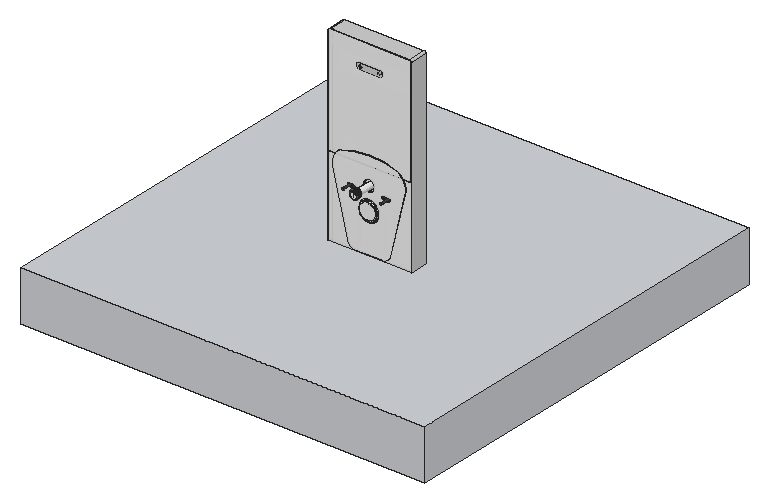
Revit family "IS_Prosys_R0144_BIM_IT", category Plumbing Fixtures, host Face, Revit 2017
Family settings
  Host = Face
  Round Connector Dimension = Use Diameter
  Part Type = Normal
  OmniClass Number = 23.45.05.21.11.11
  OmniClass Title = Water Operated Water Closets
  Cut with Voids When Loaded = No
  Shared = Yes
  Room Calculation Point = No
Parameters (values of type "R0144AC  - PROSYS NEOXP FRONT OF WALL SYSTEM FOR WALL MOUNTED WC WHITE GLASS ")
  Weight Net (Kg) = 0
  WaterEfficientProduct = no
  WarrantyStartDate [instance] = "1900-12-31T23:59:59"
  WarrantyGuarantorParts = Manufacturer  # "https://www.idealstandard.it"
  WarrantyGuarantorLabor = "n/a"
  WarrantyDurationUnit = "year"
  WarrantyDurationParts = "5"
  WarrantyDurationLabor = "n/a"
  WarrantyDescription = "Manufacturers Warranty"
  WRAS = no
  WFU = 0
  VolumeUnits = "Litres"
  VersioneClassificazioneUni2015 = "v1.20"
  Versione = "1"
  Version = "1"
  VascaAdUso = "n/a"
  ValoreDellaSuperficie = "n/a"
  UnitàVolume = "Litri"
  UnitàSuperficie = "Millimetri"
  UnitàMonetaria = "€"
  UnitàLineare = "Millimetri"
  UnitàDurataGaranzia = "Anni"
  UnitàDurata = "Anni"
  Uniclass2015Version = "v1.20"
  Uniclass2015Title = "Wall-hung WC support brackets"
  Uniclass2015Reference = "Pr_20_85_09_96"
  Uniclass2015Description = "Wall-hung WC support brackets"
  Uniclass2015Code = "Pr_20_85_09_96"
  Uniclass2 = "Pr_40_20_93_89"
  URL = "https://www.idealstandard.it"
  Type Comments = "n/a"
  ToiletType = "Other"
  ToiletPanType = "WashDown"
  TipologiaVaso = "n/a"
  TipologiaMiscelatore = "n/a"
  TipologiaLavabo = "n/a"
  TipologiaInstallazioneLavabo = "n/a"
  TipologiaDiVaso = "n/a"
  TipologiaDiMiscelatore = "n/a"
  TipologiaCartuccia = "n/a"
  Tipologia = "n/a"
  TipoVasca = "n/a"
  TipoScarico = "n/a"
  TipoOrinatoio = "n/a"
  TipoMiscelatore = "n/a"
  TipoInstallazioneVaso = "n/a"
  TipoEspotazioneIfc = "TOILETPAN"
  TipoDoccia = "n/a"
  TipoDiDato = "n/a"
  Tipo = "n/a"
  Telefono = "800652290"
  TagNumber [instance] = "n/a"
  SustainabilityPerformance = "n/a"
  SpilloverLivello = 0
  SpilloverLevel = 0 mm
  SpessoreDelMateriale = 0
  Spazio = "Interno"
  Space = "Internal"
  Sostenibilità = "n/a"
  Size = "1147 x 503  x 114 mm"
  Shape = "Sculptured"
  SerialNumber [instance] = "n/a"
  SeatMaterial = 0 mm
  RiferimentoClassificazioneUni2015 = "Pr_20_85_09_96"
  Riferimento = "QR Pneumatic for WH WC(white glass) CL1"
  Revisione = "1"
  Revision = "n/a"
  ReplacementCost = "n/a"
  ProfonditaNominale = 108 mm
  Produttore = "Ideal Standard"
  ProductInformation = "https://www.idealstandard.it/prodotti/tutti"
  PressioneD'Esercizio = "n/a"
  Pressione = "n/a"
  PiattoDoccia = no
  Phone = "800652290"
  PesoNetto = "20.84 Kg"
  PesoLordo = "n/a"
  PartiDiRicambio = "n/a"
  PanMounting = "n/a"
  PanMaterial = "n/a"
  PanColor = "n/a"
  NumeroDiModello = "R0144AC"
  NominalWidth = 503.2 mm
  NominalLength = 114 mm
  NominalHeight = 1147 mm
  NominalDepth = 108 mm
  Nominal height = 1147
  Nominal depth = 108
  NomeOggettoBim = "IS_IdealStandard_Wall-hungWCsupportbrackets_Prosys_R0144"
  Nome = "Wall-hungWCsupportbrackets_Prosys_R0144_IdealStandard"
  NettWeight = "20.84 Kg"
  Name = "Wall-hungWCsupportbrackets_Prosys_R0144_IdealStandard"
  NBSTypeID = "n/a"
  NBSReference = "45-35-70/393"
  NBSOfficeMasterTag = "n/a"
  NBSNote = "n/a"
  NBSDescription = "Wall hung WC support brackets"
  NBSCertification = "n/a"
  ModelloValvola = "n/a"
  ModelloDiRiferimento = "PROSYS NEOXP FRONT OF WALL SYSTEM FOR WALL MOUNTED WC WHITE GLASS"
  ModelReference = Description  # "PROSYS NEOXP FRONT OF WALL SYSTEM FOR WALL MOUNTED WC WHITE GLASS"
  ModelNumber = Model  # "R0144AC"
  Model = "R0144AC"
  MaterialeVaso = "n/a"
  MaterialeOrinatoio = "n/a"
  Materiale = "Metallo"
  ManufacturerURL = "https://www.idealstandard.it"
  Manufacturer = "https://www.idealstandard.it"
  Maniglia = no
  LunghezzaNominale = 545 mm
  LivelloMassimoDiPressione = "n/a"
  LinearUnits = "millimeters"
  LarghezzaNominale = 1185 mm
  Keynote = "n/a"
  InstruzioniInstallazione = "https://www.idealstandard.it/prodotti/tutti-i-prodotti"
  Installazione = "Impianto Idraulico"
  InstallationInstructions = "https://www.idealstandard.it/prodotti/tutti-i-prodotti"
  InstallationDate [instance] = "1900-12-31T23:59:59"
  InformazioniGaranzia = "https://www.idealstandard.it/competenze/garanzia-di-qualita"
  InformazioniDiProdotto = "https://www.idealstandard.it/prodotti/tutti-i-prodotti"
  InformaziniGaranzia = "https://www.idealstandard.it/competenze/garanzia-di-qualita"
  IfcExportType = "TOILETPAN"
  IfcExportAs = "IfcSanitaryTerminalType"
  IfcEsportaCome = "IfcSanitaryTerminalType"
  Help = "https://www.idealstandard.it/azienda/assistenza-e-contatti"
  HWFU = 0
  GrossWeight = "n/a"
  Grado = "n/a"
  Grade = "n/a"
  GaranziaInstallazione = "n/a"
  Garanzia = "garanzia del produttore"
  Funzione = "n/a"
  Front Panel Material = IS_Glass_White
  Forma = "Rettangolare"
  FlussoDiPortata = "n/a"
  Finitura = "Bianco"
  Finish = "White"
  Features = "NEOXP FRONT OF WALL SYSTEM FOR WALL MOUNTED WC WHITE GLASS"
  ExpectedLife = "30"
  ECA = no
  DurationUnit = "year"
  DurataGaranziaProdotti = "n/a"
  DurataGaranziaLegale = "n/a"
  DurataGaranzia = "5"
  DistributedBy = "n/a"
  DistribuitoDa = "n/a"
  DimensioneScarico = 0
  Dimensione = "1147 x 503  x 114 mm"
  Desrizione = "Modulo per una rapida ristrutturazione, Installazione fronte parete in muratura, Compatibile con tutti i vasi sospesi (dadi fissaggio a 180/230 mm), Azionamento pneumatico frontale, Scarico a due quantità (6/3 lt)"
  DescrizioneSoffione = "n/a"
  DescrizioneMiscelatore = "n/a"
  DescrizioneClassifcazioneUni2015 = "Wall-hung WC support brackets"
  Description = "PROSYS NEOXP FRONT OF WALL SYSTEM FOR WALL MOUNTED WC WHITE GLASS"
  Default Elevation = 0 mm
  CurrencyUnit = "n/a"
  Creato = "01/03/2021"
  CreatedOn = "01/03/2021"
  CostoDiSostituzione = 0
  Cost = 0
  Constituents = "n/a"
  Connessione = "Impianto Idraulico"
  ConnectionType = "Plumbing"
  Componenti = "Modulo per una rapida ristrutturazione, Installazione fronte parete in muratura, Compatibile con tutti i vasi sospesi (dadi fissaggio a 180/230 mm), Azionamento pneumatico frontale, Scarico a due quantità (6/3 lt)"
  ColoreVaso = "n/a"
  ColoreOrinatoio = "n/a"
  Colore = "Bianco"
  CoefficienteDiPortata = "n/a"
  CodiceRiferimento = "n/a"
  CodiceDiPrestazione = "n/a"
  CodiceArticolo = "R0144AC"
  CodiceABarre = "3391500580770"
  CodePerformance = "n/a"
  CicloDiVitaDelProdotto = "25"
  Category = "n/a"
  Caratteristiche = "Modulo per una rapida ristrutturazione, Installazione fronte parete in muratura, Compatibile con tutti i vasi sospesi (dadi fissaggio a 180/230 mm), Azionamento pneumatico frontale, Scarico a due quantità (6/3 lt)"
  CWFU = 0
  Brand = "Ideal Standard"
  BarCode = "3391500580770"
  BREEAMApproved = no
  BIMObjectName = "IS_IdealStandard_Wall-hungWCsupportbrackets_Prosys_R0144"
  Autore = "Ideal Standard"
  Author = "Ideal Standard"
  AssetType = "Fixed"
  AssetIdentifier [instance] = "n/a"
  Assembly Code = "C1030200"
  AreaUnits = "millimeters"
  AreaMeasurement = "n/a"
  ApplicazioneMiscelatore = "n/a"
  AltezzaNominale = 282 mm
  Aiuto = "https://www.idealstandard.it/azienda/assistenza"
  Accessories = "https://www.idealstandard.it/"
  Accessori = "https://www.idealstandard.it/prodotti/tutti-i-prodotti"
  Accesso = "n/a"
  AccessibilityPerformance = "n/a"
Types (2, lengths in mm): name | Size | Riferimento | NumeroDiModello | ModelloDiRiferimento | ModelReference | ModelNumber | Model | Front Panel Material | Finitura | Finish | Features | Dimensione | Description | Colore | CodiceArticolo | CodiceABarre | BarCode
  R0144AC  - PROSYS NEOXP FRONT OF WALL SYSTEM FOR WALL MOUNTED WC WHITE GLASS | "1147 x 503  x 114 mm" | "QR Pneumatic for WH WC(white glass) CL1" | "R0144AC" | "PROSYS NEOXP FRONT OF WALL SYSTEM FOR WALL MOUNTED WC WHITE GLASS" | "PROSYS NEOXP FRONT OF WALL SYSTEM FOR WALL MOUNTED WC WHITE GLASS" | "R0144AC" | "R0144AC" | IS_Glass_White | "Bianco" | "White" | "NEOXP FRONT OF WALL SYSTEM FOR WALL MOUNTED WC WHITE GLASS" | "1147 x 503  x 114 mm" | "PROSYS NEOXP FRONT OF WALL SYSTEM FOR WALL MOUNTED WC WHITE GLASS" | "Bianco" | "R0144AC" | "3391500580770" | "3391500580770"
  R0144A6  - PROSYS NEOXP FRONT OF WALL SYSTEM FOR WALL MOUNTED WC BLACK  GLASS | "x x mm" | "QR Pneumatic for WH WC(Black glass) CL1" | "R0144A6" | "PROSYS NEOXP FRONT OF WALL SYSTEM FOR WALL MOUNTED WC BLACK  GLASS" | "PROSYS NEOXP FRONT OF WALL SYSTEM FOR WALL MOUNTED WC BLACK  GLASS" | "R0144A6" | "R0144A6" | IS_Glass_Black | "Nero" | "Black" | "NEOXP FRONT OF WALL SYSTEM FOR WALL MOUNTED WC BLACK  GLASS" | "x x mm" | "PROSYS NEOXP FRONT OF WALL SYSTEM FOR WALL MOUNTED WC BLACK  GLASS" | "Nero" | "R0144A6" | "3391500580763" | "3391500580763"
Reference planes
  plane 1 "Center (Front/Back)": y = 0
  plane 2: z = 0
  plane 3 "Center (Left/Right)": x = 0
  plane 4: y = 0
  plane 5: z = 0
  plane 6: y = -108
  plane 7: y = -108.175
  plane 8: y = -80.782
  plane 9: y = -77.966
  plane 10: y = -98.5
  plane 11: x = 175
  plane 12: z = 1072.5
  plane 13: y = -40.391
Forms (mm)
  Extrusion 1, solid
    sketch origin (0, 0, 0) x (1, 0, 0) y (0, 1, 0)
      loop
        line (-1219.2, 1219.2) -> (-1219.2, -1219.2) -> (1219.2, -1219.2) -> (1219.2, 1219.2) -> (-1219.2, 1219.2)
    from 0 to -304.8
  Extrusion 2, solid, material "IS_Chrome_mate"
    sketch origin (0, 0, 1219.2) x (-1, 0, 0) y (0, 0, 1)
      loop
        line (-251.6, -84.7) -> (-251.6, -1217.2) -> (-250.1, -1217.2) -> (-250.1, -84.7)
        arc (-250.1, -84.7) -> (-246.878, -76.922) -> (-239.1, -73.7) r 11
        line (-239.1, -73.7) -> (239.1, -73.7)
        arc (239.1, -73.7) -> (246.878, -76.922) -> (250.1, -84.7) r 11
        line (250.1, -84.7) -> (250.1, -1217.2) -> (251.6, -1217.2) -> (251.6, -84.7)
        arc (251.6, -84.7) -> (247.939, -75.861) -> (239.1, -72.2) r 12.5
        line (239.1, -72.2) -> (-239.1, -72.2)
        arc (-239.1, -72.2) -> (-247.939, -75.861) -> (-251.6, -84.7) r 12.5
    from 0 to -108
  Extrusion 3, solid, material "IS_Glass_White" <- "Front Panel Material"
    sketch origin (0, -108, 1147) x (0, 0, 1) y (-1, 0, 0)
      loop
        line (-12.6, 249.75) -> (-661.1, 249.75) -> (-661.1, -249.75) -> (-12.6, -249.75)
        arc (-12.6, -249.75) -> (-4.822, -246.528) -> (-1.6, -238.75) r 11
        line (-1.6, -238.75) -> (-1.6, 238.75)
        arc (-1.6, 238.75) -> (-4.822, 246.528) -> (-12.6, 249.75) r 11
      loop
        line (-119.6, -60) -> (-119.6, 60)
        arc (-119.6, 60) -> (-139.6, 80) -> (-159.6, 60) r 20
        line (-159.6, 60) -> (-159.6, -60)
        arc (-159.6, -60) -> (-139.6, -80) -> (-119.6, -60) r 20
    from 0 to -6
  Extrusion 4, solid, material "IS_Chrome_mate"
    sketch origin (0, -108, 1147) x (0, 0, 1) y (-1, 0, 0)
      loop
        line (-158.6, 60) -> (-158.6, -60)
        arc (-158.6, -60) -> (-139.6, -79) -> (-120.6, -60) r 19
        line (-120.6, -60) -> (-120.6, 60)
        arc (-120.6, 60) -> (-139.6, 79) -> (-158.6, 60) r 19
      loop
        line (-137.043, -49.049) -> (-142.043, -49.049) -> (-142.043, -69.049) -> (-137.043, -69.049) -> (-137.043, -49.049)
      loop
        line (-137.074, 69.006) -> (-142.074, 69.006) -> (-142.074, 61.51) -> (-149.611, 61.51) -> (-149.611, 56.51) -> (-142.074, 56.51) -> (-142.074, 49.006) -> (-137.074, 49.006) -> (-137.074, 56.51) -> (-129.611, 56.51) -> (-129.611, 61.51) -> (-137.074, 61.51) -> (-137.074, 69.006)
    from 0 to -5.689
  Extrusion 5, solid, material "IS_Glass_White" <- "Front Panel Material"
    sketch origin (0, -108, 1147) x (0, 0, 1) y (-1, 0, 0)
      loop
        arc (-662.1, 248.793) -> (-662.38, 249.47) -> (-663.057, 249.75) r 0.957
        line (-663.057, 249.75) -> (-1144.648, 249.75)
        arc (-1144.648, 249.75) -> (-1146.028, 249.178) -> (-1146.6, 247.798) r 1.952
        line (-1146.6, 247.798) -> (-1146.6, -247.767)
        arc (-1146.6, -247.767) -> (-1146.019, -249.169) -> (-1144.617, -249.75) r 1.983
        line (-1144.617, -249.75) -> (-663.105, -249.75)
        arc (-663.105, -249.75) -> (-662.394, -249.456) -> (-662.1, -248.745) r 1.005
        line (-662.1, -248.745) -> (-662.1, 248.793)
      loop
        arc (-759, -29.713) -> (-729, 0.287) -> (-759, 30.287) r 30
        line (-759, 30.287) -> (-769, 30.287)
        arc (-769, 30.287) -> (-799, 0.287) -> (-769, -29.713) r 30
        line (-769, -29.713) -> (-759, -29.713)
      loop
        arc (-895, -59.713) -> (-835, 0.287) -> (-895, 60.287) r 60
        line (-895, 60.287) -> (-905, 60.287)
        arc (-905, 60.287) -> (-965, 0.287) -> (-905, -59.713) r 60
        line (-905, -59.713) -> (-895, -59.713)
      loop
        arc (-809, -119.713) -> (-799, -129.713) -> (-789, -119.713) r 10
        line (-789, -119.713) -> (-789, -87.713)
        arc (-789, -87.713) -> (-799, -77.713) -> (-809, -87.713) r 10
        line (-809, -87.713) -> (-809, -119.713)
      loop
        arc (-789, 120.287) -> (-799, 130.287) -> (-809, 120.287) r 10
        line (-809, 120.287) -> (-809, 88.287)
        arc (-809, 88.287) -> (-799, 78.287) -> (-789, 88.287) r 10
        line (-789, 88.287) -> (-789, 120.287)
    from 0 to -6
  Sweep 6, void
    path in 3D
      loop
        line (249.75, -108, 485.9) -> (249.75, -108, 1134.4)
        arc (249.75, -108, 1134.4) -> (246.528, -108, 1142.178) -> (238.75, -108, 1145.4) r 11
        line (238.75, -108, 1145.4) -> (-238.75, -108, 1145.4)
        arc (-238.75, -108, 1145.4) -> (-246.528, -108, 1142.178) -> (-249.75, -108, 1134.4) r 11
        line (-249.75, -108, 1134.4) -> (-249.75, -108, 485.9)
    profile origin (0, -108, 1145.4) x (0, -1, 0) y (0, 0, 1)
      loop
        line (0, -1) -> (0, 0) -> (-1, 0) -> (0, -1)
  Extrusion 7, void
    sketch origin (0, 0, 0) x (0, -1, 0) y (0, 0, 1)
      loop
        line (107, 485.9) -> (108, 485.9) -> (108, 486.9) -> (107, 485.9)
    from -249.75 to 250
  Extrusion 8, solid, material "Default Light Source"
    sketch origin (0, -108, 1147) x (0, 0, 1) y (-1, 0, 0)
      loop
        line (-129.611, 61.51) -> (-137.074, 61.51) -> (-137.074, 69.006) -> (-142.074, 69.006) -> (-142.074, 61.51) -> (-149.611, 61.51) -> (-149.611, 56.51) -> (-142.074, 56.51) -> (-142.074, 49.006) -> (-137.074, 49.006) -> (-137.074, 56.51) -> (-129.611, 56.51) -> (-129.611, 61.51)
      loop
        line (-137.043, -49.049) -> (-142.043, -49.049) -> (-142.043, -69.049) -> (-137.043, -69.049) -> (-137.043, -49.049)
    from 0 to -5.689
  Extrusion 9, solid, material "IS_Glass_White" <- "Front Panel Material"
    sketch origin (0, -108.175, 548.336) x (0, 0, 1) y (-1, 0, 0)
      loop
        line (-509.012, -127.406) -> (-140.403, -214.99)
        arc (-140.403, -214.99) -> (-76.511, -213.881) -> (-29.369, -170.741) r 90.249
        arc (-29.369, -170.741) -> (-7.424, -86.633) -> (-0.322, 0) r 501.816
        arc (-0.322, 0) -> (-7.424, 86.633) -> (-29.369, 170.741) r 501.816
        arc (-29.369, 170.741) -> (-71.902, 211.894) -> (-130.785, 217.849) r 90.249
        line (-130.785, 217.849) -> (-501.895, 129.671)
        arc (-501.895, 129.671) -> (-529.566, 112.026) -> (-540.336, 81.025) r 50
        line (-540.336, 81.025) -> (-540.336, -81.025)
        arc (-540.336, -81.025) -> (-531.772, -109.009) -> (-509.012, -127.406) r 50
      loop
        arc (-210.336, 88.287) -> (-200.336, 78.287) -> (-190.336, 88.287) r 10
        line (-190.336, 88.287) -> (-190.336, 120.287)
        arc (-190.336, 120.287) -> (-200.336, 130.287) -> (-210.336, 120.287) r 10
        line (-210.336, 120.287) -> (-210.336, 88.287)
      loop
        arc (-210.336, -119.713) -> (-200.336, -129.713) -> (-190.336, -119.713) r 10
        line (-190.336, -119.713) -> (-190.336, -87.713)
        arc (-190.336, -87.713) -> (-200.336, -77.713) -> (-210.336, -87.713) r 10
        line (-210.336, -87.713) -> (-210.336, -119.713)
      loop
        arc (-170.336, 30.287) -> (-200.336, 0.287) -> (-170.336, -29.713) r 30
        line (-170.336, -29.713) -> (-160.336, -29.713)
        arc (-160.336, -29.713) -> (-130.336, 0.287) -> (-160.336, 30.287) r 30
        line (-160.336, 30.287) -> (-170.336, 30.287)
      loop
        arc (-296.336, -59.713) -> (-236.336, 0.287) -> (-296.336, 60.287) r 60
        line (-296.336, 60.287) -> (-306.336, 60.287)
        arc (-306.336, 60.287) -> (-366.336, 0.287) -> (-306.336, -59.713) r 60
        line (-306.336, -59.713) -> (-296.336, -59.713)
    from 0 to 5.825
  Extrusion 10, solid, material "ABS Plastic_Blue"
    sketch origin (0, -80.782, 930) x (0, 0, 1) y (-1, 0, 0)
      loop
        line (-362.5, -44) -> (-422.5, -44) -> (-422.5, -77.315)
        arc (-422.5, -77.315) -> (-418.104, -87.928) -> (-407.49, -92.324) r 15.01
        line (-407.49, -92.324) -> (-356.237, -94.114) -> (-345.38, -216.832)
        arc (-345.38, -216.832) -> (-342.674, -223.365) -> (-336.141, -226.071) r 9.239
        line (-336.141, -226.071) -> (-15.5, -228.869) -> (-15.5, -215)
        arc (-15.5, -215) -> (-15.166, -213.025) -> (-14.199, -211.27) r 6
        line (-14.199, -211.27) -> (-1.584, -195.377)
        arc (-1.584, -195.377) -> (-0.779, -193.914) -> (-0.5, -192.268) r 5
        line (-0.5, -192.268) -> (-0.5, 0) -> (-0.5, 192.268)
        arc (-0.5, 192.268) -> (-0.779, 193.914) -> (-1.584, 195.377) r 5
        line (-1.584, 195.377) -> (-14.199, 211.27)
        arc (-14.199, 211.27) -> (-15.166, 213.025) -> (-15.5, 215) r 6
        line (-15.5, 215) -> (-15.5, 228.869) -> (-336.141, 226.071)
        arc (-336.141, 226.071) -> (-342.674, 223.365) -> (-345.38, 216.832) r 9.239
        line (-345.38, 216.832) -> (-356.237, 94.114) -> (-407.49, 92.324)
        arc (-407.49, 92.324) -> (-418.104, 87.928) -> (-422.5, 77.315) r 15.01
        line (-422.5, 77.315) -> (-422.5, 44) -> (-362.5, 44) -> (-362.5, 0) -> (-362.5, -44)
    from 0 to -80.782
  Extrusion 11, solid, material "ABS Plastic"
    sketch origin (0, -77.966, 930) x (0, 0, -1) y (-1, 0, 0)
      loop
        arc (0.5, 192.268) -> (0.779, 193.914) -> (1.584, 195.377) r 5
        line (1.584, 195.377) -> (14.199, 211.27)
        arc (14.199, 211.27) -> (15.166, 213.025) -> (15.5, 215) r 6
        line (15.5, 215) -> (15.5, 218) -> (-8.5, 218)
        arc (-8.5, 218) -> (-16.505, 217.825) -> (-24.508, 217.581) r 918.422
        line (-24.508, 217.581) -> (-70.117, 215.988)
        arc (-70.117, 215.988) -> (-121.45, 193.133) -> (-142.5, 141.034) r 75
        line (-142.5, 141.034) -> (-142.5, 0) -> (-142.5, -141.034)
        arc (-142.5, -141.034) -> (-121.45, -193.133) -> (-70.117, -215.988) r 75
        line (-70.117, -215.988) -> (-24.508, -217.581)
        arc (-24.508, -217.581) -> (-16.505, -217.825) -> (-8.5, -218) r 918.422
        line (-8.5, -218) -> (15.5, -218) -> (15.5, -215)
        arc (15.5, -215) -> (15.166, -213.025) -> (14.199, -211.27) r 6
        line (14.199, -211.27) -> (1.584, -195.377)
        arc (1.584, -195.377) -> (0.779, -193.914) -> (0.5, -192.268) r 5
        line (0.5, -192.268) -> (0.5, 0) -> (0.5, 192.268)
    from 0 to 74.966
  Extrusion 12, solid, material "Stainless Steel"
    sketch origin (-89, -98.5, 2.5) x (-1, 0, 0) y (0, 0, 1)
      loop
        line (161, -2.5) -> (161, 1127.5) -> (141, 1127.5) -> (141, 422.5) -> (141, 392.5) -> (141, 369.5) -> (21, 369.5)
        arc (21, 369.5) -> (-2.775, 367.641) -> (-25.973, 362.111) r 153
        line (-25.973, 362.111) -> (-45.405, 355.843)
        arc (-45.405, 355.843) -> (-66.934, 350.71) -> (-89, 348.985) r 142
        arc (-89, 348.985) -> (-111.066, 350.71) -> (-132.595, 355.843) r 142
        line (-132.595, 355.843) -> (-152.027, 362.111)
        arc (-152.027, 362.111) -> (-175.225, 367.641) -> (-199, 369.5) r 153
        line (-199, 369.5) -> (-319, 369.5) -> (-319, 392.5) -> (-319, 422.5) -> (-319, 1127.5) -> (-339, 1127.5) -> (-339, -2.5) -> (-174, -2.5) -> (-174, 0) -> (-176.5, 0) -> (-176.5, 312.5) -> (-89, 312.5) -> (-1.5, 312.5) -> (-1.5, 0) -> (-4, 0) -> (-4, -2.5) -> (161, -2.5)
      loop
        line (141, 312.5) -> (38.5, 312.5) -> (38.5, 0) -> (141, 0) -> (141, 312.5)
      loop
        line (-319, 312.5) -> (-319, 0) -> (-216.5, 0) -> (-216.5, 312.5) -> (-319, 312.5)
    from 0 to 38.5
  Extrusion 13, solid, material "Stainless Steel"
    sketch origin (-89, -98.5, 2.5) x (1, 0, 0) y (0, 0, 1)
      loop
        line (-141, 392.5) -> (59.541, 392.5)
        arc (59.541, 392.5) -> (88.713, 415.5) -> (117.885, 392.5) r 30
        line (117.885, 392.5) -> (319, 392.5) -> (319, 422.5) -> (-141, 422.5) -> (-141, 392.5)
      loop
        line (-141, 1063.5) -> (319, 1063.5) -> (319, 1093.5) -> (-141, 1093.5) -> (-141, 1063.5)
    from 0 to -12.5
  Sweep 14, solid, material "ABS Plastic"
    path origin (0, 0, 0) x (0, 1, 0) y (0, 0, 1)
      loop
        line (-40.391, 567.5) -> (-40.391, 415.788)
        arc (-40.391, 415.788) -> (-49.441, 393.94) -> (-71.288, 384.891) r 30.897
        line (-71.288, 384.891) -> (-76.288, 384.891) -> (-101.663, 384.891)
    profile origin (0, -40.391, 491.644) x (1, 0, 0) y (0, 1, 0)
      loop
        circle (0, 0) r 28
  Sweep 15, solid, material "ABS Plastic"
    path origin (0, 0, 0) x (0, 1, 0) y (0, 0, 1)
      loop
        line (-54.837, 19.855) -> (-54.837, 202.33)
        arc (-54.837, 202.33) -> (-73.119, 236.3) -> (-109.237, 249.855) r 54.897
        line (-109.237, 249.855) -> (-124.537, 249.855)
    profile origin (0, -54.837, 111.092) x (0, -1, 0) y (1, 0, 0)
      loop
        circle (0, 0) r 45
  Revolve 16, solid, material "ABS Plastic"
    sketch origin (0, 0, 0) x (0, 1, 0) y (0, 0, 1)
      loop
        line (-105.537, 209.855) -> (-124.537, 209.855) -> (-124.537, 200.823) -> (-122.522, 200.823) -> (-117.305, 195.605) -> (-105.537, 195.605) -> (-105.537, 209.855)
      axis (-124.537, 249.855) -> (-105.537, 249.855)
    angle from 0 to 360
  Revolve 17, solid, material "ABS Plastic"
    sketch origin (0, 0, 0) x (0, 1, 0) y (0, 0, 1)
      loop
        line (-234, 384.897) -> (-86, 384.897) -> (-86, 404.897) -> (-234, 404.897) -> (-234, 384.897)
      axis (-234, 384.897) -> (-86, 384.897)
    angle from 0 to 360
  Revolve 18, solid, material "Rubber, Natural"
    sketch origin (0, 0, 0) x (0, 1, 0) y (0, 0, 1)
      loop
        line (-204.01, 408.397) -> (-205.643, 408.397) -> (-208.704, 414.647) -> (-208.704, 408.397) -> (-211.654, 408.397) -> (-214.584, 414.381) -> (-214.584, 408.397) -> (-217.403, 408.397) -> (-220.464, 414.647) -> (-220.464, 408.397) -> (-223.283, 408.397) -> (-226.344, 414.647) -> (-226.344, 408.397) -> (-229, 408.397) -> (-229, 407.514) -> (-234, 407.514) -> (-234, 405.242) -> (-226.344, 405.242) -> (-220.464, 405.242) -> (-214.584, 405.242) -> (-208.704, 405.242) -> (-204.01, 405.242) -> (-204.01, 408.397)
      axis (-234, 384.897) -> (-204.01, 384.897)
    angle from 0 to 360
  Extrusion 19, solid, material "Stainless Steel"
    sketch origin (-89, -98.5, 2.5) x (1, 0, 0) y (0, 0, 1)
      loop
        circle (-26.014, 347.491) r 7.022
      loop
        circle (204.014, 347.491) r 7.022
    from 0 to 68.464
  Extrusion 20, solid, material "Stainless Steel"
    sketch origin (120, 0, 1072.5) x (0, 1, 0) y (1, 0, 0)
      loop
        circle (-40.391, 55) r 7
    from 0 to 22.229
  Extrusion 21, solid, material "IS_Glass_White" <- "Front Panel Material"
    sketch origin (0, -102, 1147) x (0, 0, -1) y (-1, 0, 0)
      loop
        line (12.5, -250.1) -> (1145, -250.1) -> (1146.985, -250.1) -> (1146.985, 250.1) -> (1145, 250.1) -> (12.5, 250.1)
        arc (12.5, 250.1) -> (4.722, 246.878) -> (1.5, 239.1) r 11
        line (1.5, 239.1) -> (1.5, -239.1)
        arc (1.5, -239.1) -> (4.722, -246.878) -> (12.5, -250.1) r 11
      loop
        arc (789, 88.287) -> (799, 78.287) -> (809, 88.287) r 10
        line (809, 88.287) -> (809, 120.287)
        arc (809, 120.287) -> (799, 130.287) -> (789, 120.287) r 10
        line (789, 120.287) -> (789, 88.287)
      loop
        arc (789, -119.713) -> (799, -129.713) -> (809, -119.713) r 10
        line (809, -119.713) -> (809, -87.713)
        arc (809, -87.713) -> (799, -77.713) -> (789, -87.713) r 10
        line (789, -87.713) -> (789, -119.713)
      loop
        arc (759, 30.287) -> (729, 0.287) -> (759, -29.713) r 30
        line (759, -29.713) -> (769, -29.713)
        arc (769, -29.713) -> (799, 0.287) -> (769, 30.287) r 30
        line (769, 30.287) -> (759, 30.287)
      loop
        arc (895, 60.287) -> (835, 0.287) -> (895, -59.713) r 60
        line (895, -59.713) -> (905, -59.713)
        arc (905, -59.713) -> (965, 0.287) -> (905, 60.287) r 60
        line (905, 60.287) -> (895, 60.287)
    from 0 to 1
Cuts and joins
  Sweep 6, Extrusion 7 cuts Extrusion 3
  Extrusion 7 cuts Extrusion 2
  joined: Sweep 15, Revolve 16
  joined: Extrusion 12, Extrusion 13
Lines and regions (mm)
  sketch lines
    curve 1: line (238.75, -108, 1145.4) -> (-238.75, -108, 1145.4)
    curve 2: arc (238.75, -108, 1145.4) -> (246.528, -108, 1142.178) -> (249.75, -108, 1134.4) r 11
    curve 3: line (249.75, -108, 485.9) -> (249.75, -108, 1134.4)
    curve 4: arc (-249.75, -108, 1134.4) -> (-246.528, -108, 1142.178) -> (-238.75, -108, 1145.4) r 11
    curve 5: line (-249.75, -108, 1134.4) -> (-249.75, -108, 485.9)
Dimensions and locks
  "NominalHeight": cut or joined group of Extrusion 2, Extrusion 7 to Extrusion 1
  "NominalWidth": cut or joined group of Extrusion 2, Extrusion 7 to cut or joined group of Extrusion 2, Extrusion 7
  "NominalDepth": plane 4 to cut or joined group of Extrusion 2, Extrusion 7
  "NominalLength": plane 4 to Extrusion 9
  aligned and locked: plane 2 to Extrusion 1
  aligned and locked: level to Extrusion 1
Automatic sketch dimensions
  Extrusion 1 sketch curve to Extrusion 1 sketch curve = 2438.4 mm  (x2)
  Extrusion 2 sketch curve to Extrusion 2 sketch curve = 0 mm  (x4)
  plane 3 "Center (Left/Right)" to Extrusion 2 sketch curve = 251.6 mm
  Extrusion 2 sketch curve to Extrusion 2 sketch curve = 1.5 mm
  Extrusion 2 sketch curve to Extrusion 2 sketch curve = 11 mm  (x2)
  Extrusion 2 sketch curve to plane 3 "Center (Left/Right)" = 239.1 mm
  level to Extrusion 2 sketch curve = 2 mm  (x2)
  Extrusion 2 sketch curve to Extrusion 2 sketch curve = 1132.5 mm
  Extrusion 3 sketch curve to plane 3 "Center (Left/Right)" = 249.75 mm
  level to Extrusion 3 sketch curve = 485.9 mm
  plane 3 "Center (Left/Right)" to Extrusion 3 sketch curve = 60 mm
  Extrusion 3 sketch curve to Extrusion 3 sketch curve = 501.5 mm
  Extrusion 3 sketch curve to Extrusion 3 sketch curve = 20 mm
  Extrusion 3 sketch curve to Extrusion 3 sketch curve = 107 mm  (x2)
  Extrusion 3 sketch curve to Extrusion 3 sketch curve = 11 mm
  Extrusion 3 sketch curve to Extrusion 3 sketch curve = 178.75 mm
  Extrusion 3 sketch curve to plane 3 "Center (Left/Right)" = 60 mm
  plane 3 "Center (Left/Right)" to Extrusion 4 sketch curve = 60 mm
  level to Extrusion 4 sketch curve = 988.4 mm
  Extrusion 4 sketch curve to Extrusion 4 sketch curve = 8.989 mm
  Extrusion 4 sketch curve to Extrusion 4 sketch curve = 7.537 mm
  Extrusion 4 sketch curve to Extrusion 4 sketch curve = 0 mm
  Extrusion 4 sketch curve to Extrusion 4 sketch curve = 16.557 mm
  Extrusion 4 sketch curve to Extrusion 4 sketch curve = 2.443 mm
  Extrusion 4 sketch curve to Extrusion 4 sketch curve = 2.526 mm
  Extrusion 4 sketch curve to Extrusion 4 sketch curve = 5 mm  (x4)
  Extrusion 4 sketch curve to Extrusion 4 sketch curve = 7.463 mm
  Extrusion 4 sketch curve to Extrusion 4 sketch curve = 9.049 mm
  Extrusion 4 sketch curve to Extrusion 4 sketch curve = 10.951 mm
  Extrusion 4 sketch curve to plane 3 "Center (Left/Right)" = 49.006 mm
  Extrusion 4 sketch curve to Extrusion 4 sketch curve = 7.504 mm  (x2)
  Extrusion 4 sketch curve to Extrusion 4 sketch curve = 3.49 mm
  Extrusion 4 sketch curve to Extrusion 4 sketch curve = 7.496 mm
  level to Extrusion 5 sketch curve = 0.4 mm
  Extrusion 5 sketch curve to Extrusion 5 sketch curve = 1.952 mm
  Extrusion 5 sketch curve to Extrusion 5 sketch curve = 1.983 mm
  Extrusion 5 sketch curve to plane 3 "Center (Left/Right)" = 60.287 mm
  level to Extrusion 5 sketch curve = 242 mm
  Extrusion 5 sketch curve to Extrusion 5 sketch curve = 10 mm  (x4)
  Extrusion 5 sketch curve to Extrusion 5 sketch curve = 86 mm  (x2)
  Extrusion 5 sketch curve to plane 3 "Center (Left/Right)" = 0.287 mm  (x2)
  Extrusion 5 sketch curve to Extrusion 5 sketch curve = 20 mm
  Extrusion 5 sketch curve to Extrusion 5 sketch curve = 125.895 mm
  Extrusion 5 sketch curve to Extrusion 5 sketch curve = 125.943 mm
  Extrusion 5 sketch curve to Extrusion 5 sketch curve = 1.005 mm
  plane 3 "Center (Left/Right)" to Extrusion 5 sketch curve = 29.713 mm
  Extrusion 5 sketch curve to Extrusion 5 sketch curve = 58 mm  (x2)
  Extrusion 5 sketch curve to Extrusion 5 sketch curve = 32 mm  (x2)
  plane 3 "Center (Left/Right)" to Extrusion 5 sketch curve = 247.767 mm
  Extrusion 5 sketch curve to plane 3 "Center (Left/Right)" = 247.798 mm
  Sweep 6 sketch curve to profile plane = 0 mm  (x2)
  profile plane to Sweep 6 sketch curve = 1 mm
  Sweep 6 sketch curve to profile plane = 1 mm
  Extrusion 7 sketch curve to plane 6 = 0 mm
  Extrusion 7 sketch curve to plane 6 = 1 mm
  level to Extrusion 7 sketch curve = 485.9 mm
  Extrusion 7 sketch curve to Extrusion 7 sketch curve = 1 mm
  Extrusion 8 sketch curve to plane 3 "Center (Left/Right)" = 56.51 mm
  level to Extrusion 8 sketch curve = 997.389 mm
  Extrusion 8 sketch curve to Extrusion 8 sketch curve = 7.537 mm  (x2)
  Extrusion 8 sketch curve to Extrusion 8 sketch curve = 0.031 mm
  Extrusion 8 sketch curve to Extrusion 8 sketch curve = 5 mm  (x4)
  Extrusion 8 sketch curve to Extrusion 8 sketch curve = 7.463 mm
  Extrusion 8 sketch curve to Extrusion 8 sketch curve = 7.504 mm  (x2)
  plane 3 "Center (Left/Right)" to Extrusion 8 sketch curve = 49.049 mm
  Extrusion 8 sketch curve to Extrusion 8 sketch curve = 20 mm
  Extrusion 8 sketch curve to Extrusion 8 sketch curve = 0 mm
  Extrusion 8 sketch curve to Extrusion 8 sketch curve = 7.496 mm
  Extrusion 9 sketch curve to plane 3 "Center (Left/Right)" = 0 mm
  level to Extrusion 9 sketch curve = 8 mm
  level to Extrusion 9 sketch curve = 39.324 mm
  Extrusion 9 sketch curve to plane 3 "Center (Left/Right)" = 2.473 mm
  level to Extrusion 9 sketch curve = 46.204 mm
  Extrusion 9 sketch curve to Extrusion 9 sketch curve = 0 mm
  level to Extrusion 9 sketch curve = 46.441 mm
  Extrusion 9 sketch curve to Extrusion 9 sketch curve = 11.559 mm
  Extrusion 9 sketch curve to Extrusion 9 sketch curve = 50 mm
  Extrusion 9 sketch curve to plane 3 "Center (Left/Right)" = 60.287 mm
  Extrusion 9 sketch curve to Extrusion 9 sketch curve = 184 mm
  Extrusion 9 sketch curve to plane 3 "Center (Left/Right)" = 0.287 mm  (x2)
  Extrusion 9 sketch curve to Extrusion 9 sketch curve = 10 mm  (x4)
  Extrusion 9 sketch curve to Extrusion 9 sketch curve = 86 mm  (x2)
  Extrusion 9 sketch curve to plane 3 "Center (Left/Right)" = 30.287 mm
  Extrusion 9 sketch curve to Extrusion 9 sketch curve = 20 mm
  Extrusion 9 sketch curve to Extrusion 9 sketch curve = 49.933 mm
  Extrusion 9 sketch curve to Extrusion 9 sketch curve = 59.552 mm
  Extrusion 9 sketch curve to Extrusion 9 sketch curve = 80.415 mm  (x2)
  plane 3 "Center (Left/Right)" to Extrusion 9 sketch curve = 81.025 mm
  Extrusion 9 sketch curve to Extrusion 9 sketch curve = 58 mm  (x2)
  Extrusion 9 sketch curve to Extrusion 9 sketch curve = 32 mm  (x2)
  Extrusion 9 sketch curve to Extrusion 9 sketch curve = 10.331 mm
  Extrusion 9 sketch curve to Extrusion 9 sketch curve = 84.946 mm
  plane 3 "Center (Left/Right)" to Extrusion 9 sketch curve = 2.473 mm
  Extrusion 9 sketch curve to plane 3 "Center (Left/Right)" = 81.025 mm
  Extrusion 9 sketch curve to Extrusion 9 sketch curve = 9.757 mm
  Extrusion 9 sketch curve to Extrusion 9 sketch curve = 87.805 mm
  Extrusion 9 sketch curve to Extrusion 9 sketch curve = 80.553 mm
  Extrusion 10 sketch curve to plane 3 "Center (Left/Right)" = 0 mm  (x2)
  Extrusion 10 sketch curve to plane 3 "Center (Left/Right)" = 44 mm
  level to Extrusion 10 sketch curve = 507.5 mm
  Extrusion 10 sketch curve to Extrusion 10 sketch curve = 0 mm
  Extrusion 10 sketch curve to plane 3 "Center (Left/Right)" = 92.324 mm
  Extrusion 10 sketch curve to Extrusion 10 sketch curve = 15.01 mm  (x2)
  plane 3 "Center (Left/Right)" to Extrusion 10 sketch curve = 92.324 mm
  Extrusion 10 sketch curve to Extrusion 10 sketch curve = 60 mm
  plane 3 "Center (Left/Right)" to Extrusion 10 sketch curve = 94.114 mm
  Extrusion 10 sketch curve to Extrusion 10 sketch curve = 6.263 mm  (x2)
  Extrusion 10 sketch curve to plane 3 "Center (Left/Right)" = 94.114 mm
  Extrusion 10 sketch curve to Extrusion 10 sketch curve = 10.857 mm  (x2)
  Extrusion 10 sketch curve to plane 3 "Center (Left/Right)" = 226.071 mm
  Extrusion 10 sketch curve to Extrusion 10 sketch curve = 9.239 mm  (x2)
  Extrusion 10 sketch curve to Extrusion 10 sketch curve = 320.641 mm  (x2)
  Extrusion 10 sketch curve to plane 3 "Center (Left/Right)" = 211.27 mm
  Extrusion 10 sketch curve to Extrusion 10 sketch curve = 1.301 mm  (x2)
  plane 3 "Center (Left/Right)" to Extrusion 10 sketch curve = 211.27 mm
  Extrusion 10 sketch curve to Extrusion 10 sketch curve = 4.699 mm  (x2)
  Extrusion 10 sketch curve to Extrusion 10 sketch curve = 8.699 mm  (x2)
  Extrusion 10 sketch curve to plane 3 "Center (Left/Right)" = 195.377 mm
  Extrusion 10 sketch curve to Extrusion 10 sketch curve = 3.916 mm  (x2)
  plane 3 "Center (Left/Right)" to Extrusion 10 sketch curve = 195.377 mm
  Extrusion 10 sketch curve to Extrusion 10 sketch curve = 1.084 mm
  Extrusion 10 sketch curve to Extrusion 10 sketch curve = 122.718 mm
  Extrusion 10 sketch curve to Extrusion 10 sketch curve = 13.869 mm  (x2)
  plane 3 "Center (Left/Right)" to Extrusion 10 sketch curve = 44 mm
  Extrusion 11 sketch curve to plane 3 "Center (Left/Right)" = 0 mm  (x2)
  plane 3 "Center (Left/Right)" to Extrusion 11 sketch curve = 141.034 mm
  level to Extrusion 11 sketch curve = 1072.5 mm
  plane 3 "Center (Left/Right)" to Extrusion 11 sketch curve = 215.988 mm
  Extrusion 11 sketch curve to Extrusion 11 sketch curve = 72.383 mm  (x2)
  Extrusion 11 sketch curve to plane 3 "Center (Left/Right)" = 215.988 mm
  Extrusion 11 sketch curve to Extrusion 11 sketch curve = 75 mm
  Extrusion 11 sketch curve to plane 3 "Center (Left/Right)" = 217.581 mm
  Extrusion 11 sketch curve to Extrusion 11 sketch curve = 45.61 mm  (x2)
  plane 3 "Center (Left/Right)" to Extrusion 11 sketch curve = 217.581 mm
  Extrusion 11 sketch curve to Extrusion 11 sketch curve = 16.008 mm  (x2)
  Extrusion 11 sketch curve to Extrusion 11 sketch curve = 143 mm
  plane 3 "Center (Left/Right)" to Extrusion 11 sketch curve = 195.377 mm
  Extrusion 11 sketch curve to Extrusion 11 sketch curve = 1.084 mm  (x2)
  Extrusion 11 sketch curve to plane 3 "Center (Left/Right)" = 195.377 mm
  Extrusion 11 sketch curve to Extrusion 11 sketch curve = 3.916 mm  (x2)
  Extrusion 11 sketch curve to Extrusion 11 sketch curve = 16.045 mm  (x2)
  Extrusion 11 sketch curve to Extrusion 11 sketch curve = 18 mm  (x2)
  plane 3 "Center (Left/Right)" to Extrusion 11 sketch curve = 211.27 mm
  Extrusion 11 sketch curve to Extrusion 11 sketch curve = 4.699 mm  (x2)
  Extrusion 11 sketch curve to plane 3 "Center (Left/Right)" = 211.27 mm
  Extrusion 11 sketch curve to Extrusion 11 sketch curve = 6 mm  (x2)
  Extrusion 11 sketch curve to Extrusion 11 sketch curve = 3 mm
  Extrusion 11 sketch curve to Extrusion 11 sketch curve = 482.282 mm
  Extrusion 12 sketch curve to Extrusion 12 sketch curve = 0 mm  (x6)
  Extrusion 12 sketch curve to level = 0 mm  (x2)
  Extrusion 12 sketch curve to plane 3 "Center (Left/Right)" = 0 mm  (x2)
  plane 3 "Center (Left/Right)" to Extrusion 12 sketch curve = 43.595 mm
  Extrusion 12 sketch curve to Extrusion 12 sketch curve = 19.432 mm  (x2)
  plane 3 "Center (Left/Right)" to Extrusion 12 sketch curve = 85 mm
  Extrusion 12 sketch curve to Extrusion 12 sketch curve = 2.5 mm  (x3)
  Extrusion 12 sketch curve to Extrusion 12 sketch curve = 46.973 mm  (x2)
  Extrusion 12 sketch curve to Extrusion 12 sketch curve = 40 mm  (x2)
  Extrusion 12 sketch curve to Extrusion 12 sketch curve = 102.5 mm  (x2)
  Extrusion 12 sketch curve to Extrusion 12 sketch curve = 20 mm  (x2)
  Extrusion 12 sketch curve to plane 3 "Center (Left/Right)" = 43.595 mm
  level to Extrusion 12 sketch curve = 2.5 mm  (x3)
  Extrusion 12 sketch curve to plane 3 "Center (Left/Right)" = 85 mm
  Extrusion 12 sketch curve to plane 3 "Center (Left/Right)" = 230 mm
  Extrusion 12 sketch curve to Extrusion 12 sketch curve = 216.5 mm  (x2)
  Extrusion 12 sketch curve to Extrusion 12 sketch curve = 96 mm
  Extrusion 12 sketch curve to Extrusion 12 sketch curve = 43.343 mm
  Extrusion 12 sketch curve to Extrusion 12 sketch curve = 6.269 mm  (x2)
  Extrusion 12 sketch curve to Extrusion 12 sketch curve = 23 mm  (x2)
  Extrusion 12 sketch curve to Extrusion 12 sketch curve = 30 mm  (x2)
  Extrusion 12 sketch curve to Extrusion 12 sketch curve = 135.142 mm
  Extrusion 12 sketch curve to Extrusion 12 sketch curve = 636.515 mm
  Extrusion 13 sketch curve to Extrusion 12 = 0 mm  (x4)
  Extrusion 12 to Extrusion 13 sketch curve = 55.541 mm
  Extrusion 12 to Extrusion 13 sketch curve = 16 mm
  Extrusion 13 sketch curve to Extrusion 13 sketch curve = 29.172 mm  (x2)
  Extrusion 12 to Extrusion 13 sketch curve = 23 mm
  Extrusion 13 sketch curve to Extrusion 13 sketch curve = 30 mm  (x2)
  Extrusion 13 sketch curve to Extrusion 12 = 64 mm
  plane 9 to Sweep 14 sketch curve = 1.678 mm
  plane 9 to Sweep 14 sketch curve = 6.678 mm
  Sweep 14 sketch curve to Sweep 14 sketch curve = 30.897 mm
  level to Sweep 14 sketch curve = 384.891 mm
  Sweep 14 sketch curve to plane 10 = 3.163 mm
  Sweep 14 sketch curve to Sweep 14 sketch curve = 151.712 mm
  Sweep 14 sketch curve to plane 3 "Center (Left/Right)" = 0 mm
  profile plane to Sweep 14 sketch curve = 0 mm
  plane 7 to Sweep 15 sketch curve = 1.063 mm
  plane 9 to Sweep 15 sketch curve = 23.129 mm
  level to Sweep 15 sketch curve = 194.958 mm
  Sweep 15 sketch curve to Sweep 15 sketch curve = 7.372 mm
  Sweep 15 sketch curve to Sweep 15 sketch curve = 15.3 mm
  level to Sweep 15 sketch curve = 19.855 mm
  Sweep 15 sketch curve to plane 3 "Center (Left/Right)" = 0 mm
  Sweep 15 sketch curve to profile plane = 0 mm
  plane 7 to Revolve 16 sketch curve = 16.363 mm  (x2)
  Revolve 16 sketch curve to Revolve 16 sketch curve = 2.015 mm
  Revolve 16 sketch curve to Revolve 16 sketch curve = 5.217 mm  (x2)
  Revolve 16 sketch curve to plane 6 = 2.463 mm
  level to Revolve 16 sketch curve = 195.605 mm
  Revolve 16 sketch curve to Revolve 16 sketch curve = 9.033 mm
  plane 9 to Revolve 16 sketch curve = 6.281 mm
  Revolve 16 sketch curve to Revolve 16 sketch curve = 40 mm
  plane 7 to Revolve 17 sketch curve = 125.825 mm
  plane 8 to Revolve 17 sketch curve = 5.218 mm
  level to Revolve 17 sketch curve = 384.897 mm
  Revolve 17 sketch curve to Revolve 17 sketch curve = 20 mm
  Revolve 17 sketch curve to Revolve 17 sketch curve = 0 mm  (x2)
  Revolve 17 sketch curve to Revolve 17 sketch curve = 0.023 mm
  plane 7 to Revolve 18 sketch curve = 125.825 mm
  Revolve 18 sketch curve to Revolve 18 sketch curve = 5 mm
  Revolve 18 sketch curve to Revolve 18 sketch curve = 2.656 mm  (x2)
  Revolve 18 sketch curve to Revolve 18 sketch curve = 3.061 mm  (x3)
  Revolve 18 sketch curve to Revolve 18 sketch curve = 2.819 mm  (x2)
  Revolve 18 sketch curve to Revolve 18 sketch curve = 5.88 mm  (x3)
  Revolve 18 sketch curve to Revolve 18 sketch curve = 2.93 mm
  Revolve 18 sketch curve to Revolve 18 sketch curve = 0 mm  (x5)
  Revolve 18 sketch curve to Revolve 18 sketch curve = 1.633 mm
  level to Revolve 18 sketch curve = 405.242 mm
  Revolve 18 sketch curve to Revolve 18 sketch curve = 2.271 mm
  Revolve 18 sketch curve to Revolve 18 sketch curve = 3.154 mm  (x2)
  Revolve 18 sketch curve to Revolve 18 sketch curve = 0.883 mm
  Revolve 18 sketch curve to Revolve 18 sketch curve = 5.984 mm
  Revolve 18 sketch curve to Revolve 18 sketch curve = 6.25 mm
  Revolve 18 sketch curve to Revolve 18 sketch curve = 0.266 mm
  Revolve 18 sketch curve to Revolve 18 sketch curve = 20.01 mm
  Revolve 18 sketch curve to Revolve 18 sketch curve = 20.346 mm
  Extrusion 19 sketch curve to Extrusion 12 = 12.486 mm  (x2)
  Extrusion 19 sketch curve to Extrusion 12 = 22.009 mm  (x2)
  Extrusion 20 sketch curve to plane 11 = 0 mm
  plane 13 to Extrusion 20 sketch curve = 0 mm
  Extrusion 3 to Extrusion 21 sketch curve = 0.1 mm
  Extrusion 3 to Extrusion 21 sketch curve = 0.35 mm  (x2)
  Extrusion 21 sketch curve to Extrusion 3 = 10.9 mm  (x2)
  Extrusion 3 to Extrusion 21 sketch curve = 483.9 mm
  Extrusion 21 sketch curve to Extrusion 21 sketch curve = 1.985 mm  (x2)
  Extrusion 21 sketch curve to Extrusion 21 sketch curve = 10 mm  (x4)
  Extrusion 21 sketch curve to Extrusion 21 sketch curve = 32 mm  (x2)
  Extrusion 21 sketch curve to Extrusion 21 sketch curve = 30 mm
  Extrusion 21 sketch curve to Extrusion 21 sketch curve = 60 mm
  Extrusion 21 sketch curve to Extrusion 21 sketch curve = 20 mm  (x2)
  Extrusion 21 sketch curve to Extrusion 21 sketch curve = 90 mm
  Extrusion 3 to Extrusion 21 sketch curve = 97.9 mm
  Extrusion 21 sketch curve to Extrusion 21 sketch curve = 86 mm
  Extrusion 21 sketch curve to Extrusion 3 = 130.037 mm
  Extrusion 21 sketch curve to Extrusion 21 sketch curve = 28 mm
  Extrusion 21 sketch curve to Extrusion 21 sketch curve = 58 mm
  radius of Sweep 14 sketch curve = 28 mm
  radius of Sweep 15 sketch curve = 45 mm
  radius of Extrusion 19 sketch curve = 7.022 mm  (x2)
  radius of Extrusion 20 sketch curve = 7 mm
Connectors
  piping at (0, -54.837, 19.855), diameter 90
    settings: on cut or joined group of Sweep 15, Revolve 16, index 1, connector inside diameter 24", connector length 0 mm, flow factor 0, pipe flow 0 GPM, pressure drop 0.00 psi, fitting loss kfactor 0, connector angle 0.00°, fixture units 0, engagement length 0 mm, angle of deflection 0.00°, flow configuration 2, flow direction 2, fitting loss method 0, system type 16, joint type 0, gender type 0, connector reference index -1, connector utility 0, adjustable connector no, is connector primary yes, connector description ""
  piping at (175, -40.391, 1072.5), diameter 14
    settings: on Extrusion 20, index 2, connector inside diameter 24", connector length 0 mm, flow factor 0, pipe flow 0 GPM, pressure drop 0.00 psi, fitting loss kfactor 0, connector angle 0.00°, fixture units 0, engagement length 0 mm, angle of deflection 0.00°, flow configuration 2, flow direction 1, fitting loss method 0, system type 20, joint type 0, gender type 0, connector reference index -1, connector utility 0, adjustable connector no, is connector primary no, connector description ""
